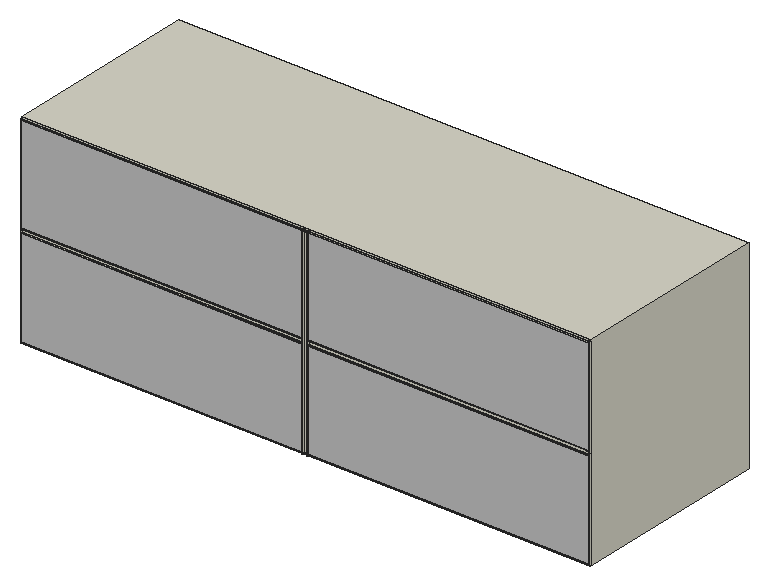
Revit family "vanity unit-hansgrohe-54200XXX-Xevolos E Vanity unit Sand Matt Beige 1570_550 with 4 drawers for consoles with 2 countertop basins ground", category Furniture, Revit 2019 (continued)
Types (6, lengths in mm): name | SURFACE | NB | Model | MIdent | LODLEVEL | LINA | IDNR | ARTNR | 54200790-SAND_MATT_BEIGE-METALLIC_SAND_BEIGE-400_RX0RY0RZ0TX0TY0TZ0_V | 54200790-SAND_MATT_BEIGE-METALLIC_SAND_BEIGE-200_RX0RY0RZ0TX0TY0TZ0_V | 54200730-SAND_MATT_BEIGE-DARK_OAK-400_RX0RY0RZ0TX0TY0TZ0_V | 54200730-SAND_MATT_BEIGE-DARK_OAK-200_RX0RY0RZ0TX0TY0TZ0_V | 54200390-SAND_MATT_BEIGE-PATTEREND_BRONZE-400_RX0RY0RZ0TX0TY0TZ0_V | 54200390-SAND_MATT_BEIGE-PATTEREND_BRONZE-200_RX0RY0RZ0TX0TY0TZ0_V
  54200390-SAND_MATT_BEIGE-PATTEREND_BRONZE-400 | "PATTEREND_BRONZE" | "54200390-SAND_MATT_BEIGE-PATTEREND_BRONZE-400" | "54200390-SAND_MATT_BEIGE-PATTEREND_BRONZE-400" | "{$CADENAS_DATA/23d-libs/hansgrohe/xevolos_furniture/e_vanity_unit_4drawers_consoles_2countertop_basin/vanity_unit_4drawers_consoles_2countertopbasin.prj},304 {VTYP=3D},{NB=54200390-SAND_MATT_BEIGE-PATTEREND_BRONZE-400},{LINA=54200390-SAND_MATT_BEIGE-PATTEREND_BRONZE-400},{NN=Vanity unit with 4 drawers for consoles with 2 countertop basins ground},{DATE=13.03.2023 11:55:27},{GEOMDATE=12.03.2023 06:39:00},{VERSION=},{LINEID=130},{WBVAR=LODLEVEL},{WBNUMERIC=}  {NB=54200390-SAND_MATT_BEIGE-PATTEREND_BRONZE-400},{LINA=54200390-SAND_MATT_BEIGE-PATTEREND_BRONZE-400},{KT=DUMMY},{IDNR=13},{ARTNR=54200390},{BASENUMBER=54200},{MODEL=54200XXX},{OBERFLAECHE=SAND_MATT_BEIGE},{SURFACE=PATTEREND_BRONZE},{L=1570},{LODLEVEL=400},{LODLEVELX='400','400','200','200'},{NAME=Xevolos E Vanity unit Sand Matt Beige 1570/550 with 4 drawers for consoles with 2 countertop basins ground},{PERMALINK=54200XXX},{OBJECTTYPE=Object (single object)},{BIMOBJECT=Sanitary: Compound units},{COLLECTIONSET=Xevolos E},{COLLECTION=vanity unit},{WEIGHT=88.5},{DESCRIPTION=Xevolos E Vanity unit Sand Matt Beige 1570/550 with 4 drawers for consoles with 2 countertop basins ground},{PRODUCTURL=https://pro.hansgrohe.com/articledetail--54200790},{GTINCODE=0},{TENDERURL=0},{IFC=Furnishing element},{ETIM=EC011381 | Bathroom furniture set},{UNICLASS2015=Pr_40_30_78_05 | Bathroom furniture},{OMNICLASS=23-21 19 15 33 13 | Residential Bathroom Specialty Casework},{MASTERFORMAT=12 35 30.23 | Bathroom Casework},{UNSPSC=56 | Furniture and Furnishings},{UNIFORMATII=E2010 | Fixed Furnishings},{REGION=Worldwide},{DESIGN=Germany},{MANUFACTURER=Germany}" | "400" | "54200390-SAND_MATT_BEIGE-PATTEREND_BRONZE-400" | 13 | "54200390" | no | no | no | no | yes | no
  54200730-SAND_MATT_BEIGE-DARK_OAK-200 | "DARK_OAK" | "54200730-SAND_MATT_BEIGE-DARK_OAK-200" | "54200730-SAND_MATT_BEIGE-DARK_OAK-200" | "{$CADENAS_DATA/23d-libs/hansgrohe/xevolos_furniture/e_vanity_unit_4drawers_consoles_2countertop_basin/vanity_unit_4drawers_consoles_2countertopbasin.prj},288 {VTYP=3D},{NB=54200730-SAND_MATT_BEIGE-DARK_OAK-200},{LINA=54200730-SAND_MATT_BEIGE-DARK_OAK-200},{NN=Vanity unit with 4 drawers for consoles with 2 countertop basins ground},{DATE=13.03.2023 11:55:27},{GEOMDATE=12.03.2023 06:39:00},{VERSION=},{LINEID=140},{WBVAR=LODLEVEL},{WBNUMERIC=}  {NB=54200730-SAND_MATT_BEIGE-DARK_OAK-200},{LINA=54200730-SAND_MATT_BEIGE-DARK_OAK-200},{KT=DUMMY},{IDNR=14},{ARTNR=54200730},{BASENUMBER=54200},{MODEL=54200XXX},{OBERFLAECHE=SAND_MATT_BEIGE},{SURFACE=DARK_OAK},{L=1570},{LODLEVEL=200},{LODLEVELX='400','400','200','200'},{NAME=Xevolos E Vanity unit Sand Matt Beige 1570/550 with 4 drawers for consoles with 2 countertop basins ground},{PERMALINK=54200XXX},{OBJECTTYPE=Object (single object)},{BIMOBJECT=Sanitary: Compound units},{COLLECTIONSET=Xevolos E},{COLLECTION=vanity unit},{WEIGHT=88.5},{DESCRIPTION=Xevolos E Vanity unit Sand Matt Beige 1570/550 with 4 drawers for consoles with 2 countertop basins ground},{PRODUCTURL=https://pro.hansgrohe.com/articledetail--54200790},{GTINCODE=0},{TENDERURL=0},{IFC=Furnishing element},{ETIM=EC011381 | Bathroom furniture set},{UNICLASS2015=Pr_40_30_78_05 | Bathroom furniture},{OMNICLASS=23-21 19 15 33 13 | Residential Bathroom Specialty Casework},{MASTERFORMAT=12 35 30.23 | Bathroom Casework},{UNSPSC=56 | Furniture and Furnishings},{UNIFORMATII=E2010 | Fixed Furnishings},{REGION=Worldwide},{DESIGN=Germany},{MANUFACTURER=Germany}" | "200" | "54200730-SAND_MATT_BEIGE-DARK_OAK-200" | 14 | "54200730" | no | no | no | yes | no | no
  54200730-SAND_MATT_BEIGE-DARK_OAK-400 | "DARK_OAK" | "54200730-SAND_MATT_BEIGE-DARK_OAK-400" | "54200730-SAND_MATT_BEIGE-DARK_OAK-400" | "{$CADENAS_DATA/23d-libs/hansgrohe/xevolos_furniture/e_vanity_unit_4drawers_consoles_2countertop_basin/vanity_unit_4drawers_consoles_2countertopbasin.prj},288 {VTYP=3D},{NB=54200730-SAND_MATT_BEIGE-DARK_OAK-400},{LINA=54200730-SAND_MATT_BEIGE-DARK_OAK-400},{NN=Vanity unit with 4 drawers for consoles with 2 countertop basins ground},{DATE=13.03.2023 11:55:27},{GEOMDATE=12.03.2023 06:39:00},{VERSION=},{LINEID=140},{WBVAR=LODLEVEL},{WBNUMERIC=}  {NB=54200730-SAND_MATT_BEIGE-DARK_OAK-400},{LINA=54200730-SAND_MATT_BEIGE-DARK_OAK-400},{KT=DUMMY},{IDNR=14},{ARTNR=54200730},{BASENUMBER=54200},{MODEL=54200XXX},{OBERFLAECHE=SAND_MATT_BEIGE},{SURFACE=DARK_OAK},{L=1570},{LODLEVEL=400},{LODLEVELX='400','400','200','200'},{NAME=Xevolos E Vanity unit Sand Matt Beige 1570/550 with 4 drawers for consoles with 2 countertop basins ground},{PERMALINK=54200XXX},{OBJECTTYPE=Object (single object)},{BIMOBJECT=Sanitary: Compound units},{COLLECTIONSET=Xevolos E},{COLLECTION=vanity unit},{WEIGHT=88.5},{DESCRIPTION=Xevolos E Vanity unit Sand Matt Beige 1570/550 with 4 drawers for consoles with 2 countertop basins ground},{PRODUCTURL=https://pro.hansgrohe.com/articledetail--54200790},{GTINCODE=0},{TENDERURL=0},{IFC=Furnishing element},{ETIM=EC011381 | Bathroom furniture set},{UNICLASS2015=Pr_40_30_78_05 | Bathroom furniture},{OMNICLASS=23-21 19 15 33 13 | Residential Bathroom Specialty Casework},{MASTERFORMAT=12 35 30.23 | Bathroom Casework},{UNSPSC=56 | Furniture and Furnishings},{UNIFORMATII=E2010 | Fixed Furnishings},{REGION=Worldwide},{DESIGN=Germany},{MANUFACTURER=Germany}" | "400" | "54200730-SAND_MATT_BEIGE-DARK_OAK-400" | 14 | "54200730" | no | no | yes | no | no | no
  54200790-SAND_MATT_BEIGE-METALLIC_SAND_BEIGE-200 | "METALLIC_SAND_BEIGE" | "54200790-SAND_MATT_BEIGE-METALLIC_SAND_BEIGE-200" | "54200790-SAND_MATT_BEIGE-METALLIC_SAND_BEIGE-200" | "{$CADENAS_DATA/23d-libs/hansgrohe/xevolos_furniture/e_vanity_unit_4drawers_consoles_2countertop_basin/vanity_unit_4drawers_consoles_2countertopbasin.prj},310 {VTYP=3D},{NB=54200790-SAND_MATT_BEIGE-METALLIC_SAND_BEIGE-200},{LINA=54200790-SAND_MATT_BEIGE-METALLIC_SAND_BEIGE-200},{NN=Vanity unit with 4 drawers for consoles with 2 countertop basins ground},{DATE=13.03.2023 11:55:27},{GEOMDATE=12.03.2023 06:39:00},{VERSION=},{LINEID=150},{WBVAR=LODLEVEL},{WBNUMERIC=}  {NB=54200790-SAND_MATT_BEIGE-METALLIC_SAND_BEIGE-200},{LINA=54200790-SAND_MATT_BEIGE-METALLIC_SAND_BEIGE-200},{KT=DUMMY},{IDNR=15},{ARTNR=54200790},{BASENUMBER=54200},{MODEL=54200XXX},{OBERFLAECHE=SAND_MATT_BEIGE},{SURFACE=METALLIC_SAND_BEIGE},{L=1570},{LODLEVEL=200},{LODLEVELX='400','400','200','200'},{NAME=Xevolos E Vanity unit Sand Matt Beige 1570/550 with 4 drawers for consoles with 2 countertop basins ground},{PERMALINK=54200XXX},{OBJECTTYPE=Object (single object)},{BIMOBJECT=Sanitary: Compound units},{COLLECTIONSET=Xevolos E},{COLLECTION=vanity unit},{WEIGHT=88.5},{DESCRIPTION=Xevolos E Vanity unit Sand Matt Beige 1570/550 with 4 drawers for consoles with 2 countertop basins ground},{PRODUCTURL=https://pro.hansgrohe.com/articledetail--54200790},{GTINCODE=0},{TENDERURL=0},{IFC=Furnishing element},{ETIM=EC011381 | Bathroom furniture set},{UNICLASS2015=Pr_40_30_78_05 | Bathroom furniture},{OMNICLASS=23-21 19 15 33 13 | Residential Bathroom Specialty Casework},{MASTERFORMAT=12 35 30.23 | Bathroom Casework},{UNSPSC=56 | Furniture and Furnishings},{UNIFORMATII=E2010 | Fixed Furnishings},{REGION=Worldwide},{DESIGN=Germany},{MANUFACTURER=Germany}" | "200" | "54200790-SAND_MATT_BEIGE-METALLIC_SAND_BEIGE-200" | 15 | "54200790" | no | yes | no | no | no | no
  54200790-SAND_MATT_BEIGE-METALLIC_SAND_BEIGE-400 | "METALLIC_SAND_BEIGE" | "54200790-SAND_MATT_BEIGE-METALLIC_SAND_BEIGE-400" | "54200790-SAND_MATT_BEIGE-METALLIC_SAND_BEIGE-400" | "{$CADENAS_DATA/23d-libs/hansgrohe/xevolos_furniture/e_vanity_unit_4drawers_consoles_2countertop_basin/vanity_unit_4drawers_consoles_2countertopbasin.prj},310 {VTYP=3D},{NB=54200790-SAND_MATT_BEIGE-METALLIC_SAND_BEIGE-400},{LINA=54200790-SAND_MATT_BEIGE-METALLIC_SAND_BEIGE-400},{NN=Vanity unit with 4 drawers for consoles with 2 countertop basins ground},{DATE=13.03.2023 11:55:27},{GEOMDATE=12.03.2023 06:39:00},{VERSION=},{LINEID=150},{WBVAR=LODLEVEL},{WBNUMERIC=}  {NB=54200790-SAND_MATT_BEIGE-METALLIC_SAND_BEIGE-400},{LINA=54200790-SAND_MATT_BEIGE-METALLIC_SAND_BEIGE-400},{KT=DUMMY},{IDNR=15},{ARTNR=54200790},{BASENUMBER=54200},{MODEL=54200XXX},{OBERFLAECHE=SAND_MATT_BEIGE},{SURFACE=METALLIC_SAND_BEIGE},{L=1570},{LODLEVEL=400},{LODLEVELX='400','400','200','200'},{NAME=Xevolos E Vanity unit Sand Matt Beige 1570/550 with 4 drawers for consoles with 2 countertop basins ground},{PERMALINK=54200XXX},{OBJECTTYPE=Object (single object)},{BIMOBJECT=Sanitary: Compound units},{COLLECTIONSET=Xevolos E},{COLLECTION=vanity unit},{WEIGHT=88.5},{DESCRIPTION=Xevolos E Vanity unit Sand Matt Beige 1570/550 with 4 drawers for consoles with 2 countertop basins ground},{PRODUCTURL=https://pro.hansgrohe.com/articledetail--54200790},{GTINCODE=0},{TENDERURL=0},{IFC=Furnishing element},{ETIM=EC011381 | Bathroom furniture set},{UNICLASS2015=Pr_40_30_78_05 | Bathroom furniture},{OMNICLASS=23-21 19 15 33 13 | Residential Bathroom Specialty Casework},{MASTERFORMAT=12 35 30.23 | Bathroom Casework},{UNSPSC=56 | Furniture and Furnishings},{UNIFORMATII=E2010 | Fixed Furnishings},{REGION=Worldwide},{DESIGN=Germany},{MANUFACTURER=Germany}" | "400" | "54200790-SAND_MATT_BEIGE-METALLIC_SAND_BEIGE-400" | 15 | "54200790" | yes | no | no | no | no | no
